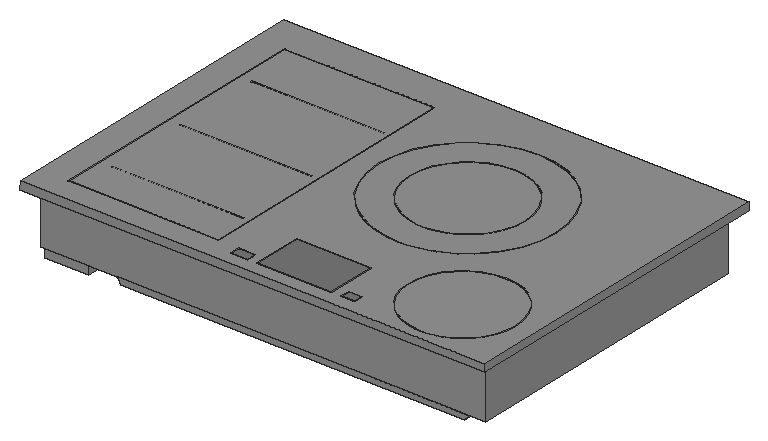
Revit family "DTI30M977BB_Revit", category Specialty Equipment, Revit 2014
Parameters (values of type "DTI30M977BB")
  ZONES WITH BOOSTER = "5"
  Width = 30"
  WI FI CONNECT = "YES"
  WATTS (W) = "10.8 KW / 9.5 KW"
  VOLTS (V) = "240 / 208"
  VIRTUAL FLAME ON/OFF = "YES"
  Unit = Stainless Steel
  TOTAL NUMBER OF COOKTOP ZONES = "6"
  Support = Plastic-Black
  SOUND ON/OFF = "YES"
  SIMMER/MELT = "YES"
  RIGHT REAR HEATING ELEMENT = "6” POWER COIL™ (VF)"
  RESIDUAL HEAT INDICATOR = "2 STAGE"
  RECOMMENDED POWER LEVEL = "YES"
  QUICK STOP = "YES"
  POWER ON/OFF = "YES"
  POWER LEVEL SETTING = "9 + POWER BOOST"
  POWER COIL CENTER (W) = "3600W / 4800W (B)"
  PAUSE = "YES"
  Model = "DTI30M977BB"
  Manufacturer = "Dacor"
  LIMITED, PARTS AND LABOR = "1 YEAR"
  KITCHEN TIMER = "YES"
  Height = 4"
  HOOD CONNECTIVITY ON/OFF = "YES"
  GUIDED COOKING = "YES - 15 EA"
  FREQUENCY (HZ) = "60"
  FLEX ZONE RIGHT REAR (W) = "1400W / 1800W (B)"
  FLEX ZONE RIGHT = "7 19/20”W X 15 6/25”D"
  FLEX ZONE POWER = "3300W / 3600W (B)"
  FLEX ZONE LEFT REAR (W) = "1800W / 2600W (B)"
  FLEX ZONE LEFT FRONT (W) = "1800W / 2600W (B)"
  FLEX ZONE LEFT = "7 19/20”W X 15 6/25”D"
  ENERGY SOURCE = "ELECTRIC"
  Description = "30-INCH INDUCTION COOKTOP MODERNIST COLLECTION"
  Depth = 21 1/4"
  DEMO MODE = "YES"
  CIRCUIT BREAKER (A) = "40"
  CHILD LOCK = "YES"
  CENTER HEATING ELEMENT = "7”/11” POWER COIL™ (VF)"
  BLUETOOTH CONNECT = "YES"
  AUTO PAN DETECTION = "YES"
Reference planes (in)
  plane 1 "Center (Front/Back)": y = 0
  plane 2: z = 0
  plane 3 "Center (Left/Right)": x = 0
  plane 4: y = 10.625
  plane 5: y = -10.625
  plane 6: x = -15
  plane 7: x = 15
  plane 8: z = 4
  plane 9: y = -12.5
  plane 10: x = -14.375
  plane 11: x = 14.375
  plane 12: y = 9.75
  plane 13: y = -9.75
  plane 14: z = 4.5
Forms (in)
  Extrusion 1, solid, material "Stainless Steel" <- "Unit"
    sketch origin (0, 0, 0) x (1, 0, 0) y (0, 1, 0)
      loop
        line (-15, 10.625) -> (-15, -10.625) -> (15, -10.625) -> (15, 10.625) -> (-15, 10.625)
      loop
        line (-13.11958, 8.37776) -> (-13.11958, -9.12224) -> (-3.36958, -9.12224) -> (-3.36958, 8.37776) -> (-13.11958, 8.37776)
      loop
        line (-13.04536, 8.30354) -> (-13.04536, -9.04802) -> (-3.4438, -9.04802) -> (-3.4438, 8.30354) -> (-13.04536, 8.30354)
      loop
        line (-12.3226, 4.71193) -> (-12.3226, 4.63771) -> (-3.8226, 4.63771) -> (-3.8226, 4.71193) -> (-12.3226, 4.71193)
      loop
        line (-12.3226, -1.03807) -> (-12.3226, -1.11229) -> (-3.8226, -1.11229) -> (-3.8226, -1.03807) -> (-12.3226, -1.03807)
      loop
        line (-12.3226, -6.53807) -> (-12.3226, -6.61229) -> (-3.8226, -6.61229) -> (-3.8226, -6.53807) -> (-12.3226, -6.53807)
      loop
        circle (3.71691, 2.10168) r 5.75
      loop
        circle (3.71691, 2.10168) r 5.68801
      loop
        circle (3.71691, 2.10168) r 3.75
      loop
        circle (3.71691, 2.10168) r 3.71013
      loop
        circle (10.34573, -6.61229) r 3.5
      loop
        circle (10.34573, -6.61229) r 3.44394
      loop
        line (-0.43513, -6.53807) -> (-0.43513, -9.75) -> (4.37816, -9.75) -> (4.37816, -6.53807) -> (-0.43513, -6.53807)
      loop
        line (5.01709, -9.12224) -> (5.01709, -9.75) -> (5.86901, -9.75) -> (5.86901, -9.12224) -> (5.01709, -9.12224)
      loop
        line (-2.09636, -9.12224) -> (-2.09636, -9.75) -> (-1.03147, -9.75) -> (-1.03147, -9.12224) -> (-2.09636, -9.12224)
    from 4.5 to 4
  Extrusion 2, solid, material "Stainless Steel" <- "Unit"
    sketch origin (0, 0, 0) x (1, 0, 0) y (0, 1, 0)
      loop
        line (-14.375, 9.75) -> (-14.375, -9.75) -> (14.375, -9.75) -> (14.375, 9.75) -> (-14.375, 9.75)
    from 0.5182 to 4
  Extrusion 3, solid, material "Plastic-Black" <- "Support"
    sketch origin (0, 0, 4) x (0, 1, 0) y (1, 0, 0)
      loop
        line (-6.53807, -0.43513) -> (-6.53807, 4.37816) -> (-9.75, 4.37816) -> (-9.75, -0.43513) -> (-6.53807, -0.43513)
      loop
        line (-9.12224, -2.09636) -> (-9.12224, -1.03147) -> (-9.75, -1.03147) -> (-9.75, -2.09636) -> (-9.12224, -2.09636)
      loop
        line (-9.12224, 5.01709) -> (-9.12224, 5.86901) -> (-9.75, 5.86901) -> (-9.75, 5.01709) -> (-9.12224, 5.01709)
    from 0 to -0.5
  Extrusion 4, solid, material "Stainless Steel" <- "Unit"
    sketch origin (0, 0, 0) x (1, 0, 0) y (0, 0, 1)
      loop
        line (-14.1355, 0.5182) -> (-14.1355, 0) -> (-11.27092, 0) -> (-11.27092, 0.5182) -> (-14.1355, 0.5182)
      loop
        line (-9.42367, 0.5182) -> (-9.20749, 0.14375) -> (13.01213, 0.14375) -> (13.32633, 0.5182) -> (-9.42367, 0.5182)
    from -9.75 to 9.75
Dimensions and locks (in)
  equal spacing: plane 6, plane 3 "Center (Left/Right)", plane 7
  "Width": plane 6 to plane 7
  equal spacing: plane 4, plane 1 "Center (Front/Back)", plane 5
  "Depth": plane 4 to plane 5
  "Height": plane 8 to plane 2
  plane 5 to plane 9 = 1 7/8"
  equal spacing: plane 10, plane 3 "Center (Left/Right)", plane 11
  plane 10 to plane 11 = 28 3/4"
  equal spacing: plane 12, plane 1 "Center (Front/Back)", plane 13
  plane 12 to plane 13 = 19 1/2"
  aligned and locked: level to plane 2
  aligned and locked: plane 12 to Extrusion 4
  aligned and locked: Extrusion 4 to plane 13
Automatic sketch dimensions
  Extrusion 2 sketch curve to plane 10 = 0"
  Extrusion 2 sketch curve to plane 11 = 0"
  Extrusion 2 sketch curve to plane 13 = 0"
  Extrusion 2 sketch curve to plane 12 = 0"
  Extrusion 1 sketch curve to Extrusion 1 sketch curve = 0"  (x14)
  Extrusion 1 sketch curve to plane 5 = 0"
  Extrusion 1 sketch curve to plane 6 = 0"
  Extrusion 1 sketch curve to plane 13 = 0"  (x3)
  Extrusion 1 sketch curve to plane 4 = 0"
  Extrusion 1 sketch curve to plane 7 = 0"
  plane 10 to Extrusion 1 sketch curve = 1.25542"
  Extrusion 1 sketch curve to Extrusion 1 sketch curve = 19/256"  (x7)
  plane 10 to Extrusion 1 sketch curve = 2.0524"  (x3)
  plane 1 "Center (Front/Back)" to Extrusion 1 sketch curve = 1.11229"
  Extrusion 1 sketch curve to plane 3 "Center (Left/Right)" = 3.8226"  (x3)
  plane 13 to Extrusion 1 sketch curve = 0.70198"
  Extrusion 1 sketch curve to Extrusion 1 sketch curve = 0.37879"
  Extrusion 1 sketch curve to Extrusion 1 sketch curve = 1.27323"
  Extrusion 1 sketch curve to plane 3 "Center (Left/Right)" = 1.03147"
  Extrusion 1 sketch curve to plane 3 "Center (Left/Right)" = 0.43513"
  plane 3 "Center (Left/Right)" to Extrusion 1 sketch curve = 3.71691"
  plane 3 "Center (Left/Right)" to Extrusion 1 sketch curve = 4.37816"
  Extrusion 1 sketch curve to Extrusion 1 sketch curve = 0.63893"
  Extrusion 1 sketch curve to Extrusion 1 sketch curve = 0.85191"
  Extrusion 1 sketch curve to plane 11 = 4.02927"
  Extrusion 1 sketch curve to Extrusion 1 sketch curve = 0.62776"  (x2)
  Extrusion 1 sketch curve to Extrusion 1 sketch curve = 2.43573"
  plane 13 to Extrusion 1 sketch curve = 3.13771"
  Extrusion 1 sketch curve to Extrusion 1 sketch curve = 2.58417"
  Extrusion 1 sketch curve to plane 1 "Center (Front/Back)" = 2.10168"
  Extrusion 1 sketch curve to plane 1 "Center (Front/Back)" = 4.63771"
  Extrusion 1 sketch curve to plane 12 = 1.44646"
  Extrusion 3 sketch curve to Extrusion 1 = 0"  (x8)
  Extrusion 1 to Extrusion 3 sketch curve = 0"  (x4)
  Extrusion 4 sketch curve to level = 0"
  plane 10 to Extrusion 4 sketch curve = 0.2395"
  Extrusion 4 sketch curve to Extrusion 4 sketch curve = 2.86458"
  level to Extrusion 4 sketch curve = 0.5182"
  Extrusion 4 sketch curve to Extrusion 4 sketch curve = 1.84725"
  Extrusion 4 sketch curve to Extrusion 4 sketch curve = 22 3/4"
  Extrusion 4 sketch curve to Extrusion 4 sketch curve = 0.5182"
  level to Extrusion 4 sketch curve = 0.14375"
  Extrusion 4 sketch curve to Extrusion 4 sketch curve = 0.3142"
  Extrusion 4 sketch curve to Extrusion 4 sketch curve = 0.21619"
  radius of Extrusion 1 sketch curve = 5 3/4"
  radius of Extrusion 1 sketch curve = 5.68801"
  radius of Extrusion 1 sketch curve = 3 3/4"
  radius of Extrusion 1 sketch curve = 3.71013"
  radius of Extrusion 1 sketch curve = 3 1/2"
  radius of Extrusion 1 sketch curve = 3.44394"
